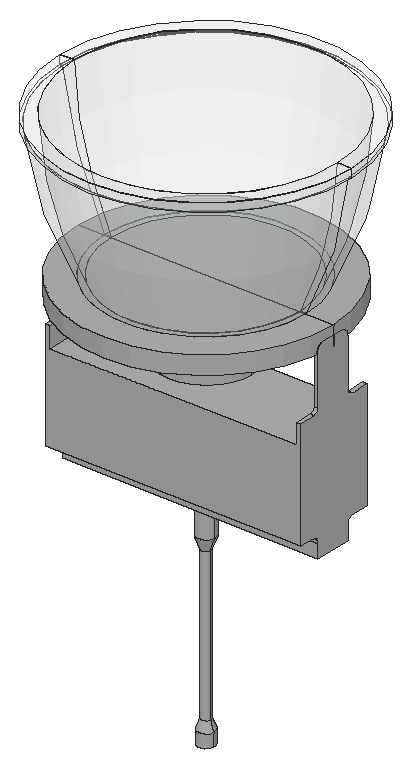
Revit family "UTB2", category Lighting Fixtures, host Face, Revit 2014
Parameters (values of type "UTB2")
  Wattage Comments = "255 W/ 167 W"  # constant formula
  Wattage = 168 W
  Watt = 255 W
  Warranty = "Five year warranty (Terms and Conditions Apply)"  # constant formula
  built-in parameter 1150110 = 1 (stored number, unit not read)
  Voltage [instance] = 120 V
  URL = "http://www.hubbellindustrial.com/"
  built-in parameter 1114217 = 1 (stored number, unit not read)
  Tilt Angle = -90.00°
  built-in parameter 1150109 = 1 (stored number, unit not read)
  built-in parameter 1150134 = 12
  built-in parameter 1150113 = 1 (stored number, unit not read)
  Reflector Finish = Hubbell - White Glass
  Product Page URL = "https://www.hubbell.com/hubbelllightingci/en/Products/Lighting-Controls/Industrial-Lighting/High-Bays-Low-Bays/UTB2/p/2859558"
  Product Material = Paint - Hubbell - White Texture
  Product Documentation Link = "https://hubbellcdn.com/specsheet/hil_utb2_spec.pdf"
  Photometric Web File = "UTB2-8-30- MH-WW-X-N-N-YY-CGS.ies"
  Pendant Length [instance] = 12.000"
  More Photometric Link = "https://www.hubbell.com/hubbelllightingci/en/Products/Lighting-Controls/Industrial-Lighting/High-Bays-Low-Bays/UTB2/p/2859558#prod-detail-section"
  Model = "UTB2"  # constant formula
  Manufacturer = "Hubbell Industrial Lighting"  # constant formula
  built-in parameter 1150105 = 2272.7 (stored number, unit not read)
  Lumens = 28560 lm
  built-in parameter 1150115 = 1 (stored number, unit not read)
  Load Classification = Lighting
  built-in parameter 1150137 = (empty or 0)
  built-in parameter 1150139 = (empty or 0)
  built-in parameter 1150112 = 1 (stored number, unit not read)
  built-in parameter 1150114 = 1 (stored number, unit not read)
  Lamp = "LED"
  built-in parameter 1150132 = (empty or 0)
  built-in parameter 1150102 = (empty or 0)
  built-in parameter 1150107 = 4000 (stored number, unit not read)
  built-in parameter 1150138 = (empty or 0)
  built-in parameter 1150106 = 22.727 (stored number, unit not read)
  Features = "Available in a high output version (24,000 lumens), a medium output version (18,000 lumens) and a low output version (12,000 lumens)\r\nEfficacy up to 170 lm/W\r\nNX Distributed Intelligence™ wired and wireless control capability available\r\nFive reflector options to meet any lighting need\r\nThree optional lenses to meet your shielding needs\r\nLight weight construction for easy installation\r\nSymmetrical design for consistent installed results"  # constant formula
  built-in parameter 1150129 = 12.000"  # constant formula
  Emit Shape Visible in Rendering = no
  built-in parameter 1150104 = 15.794 (stored number, unit not read)
  Dimming Lamp Color Temperature Shift = <None>
  Description = "Utilibay™ High Bay"  # constant formula
  Default Elevation = 48.000"
  Connector Description = "Lighting Connector"  # constant formula
  Color Filter = 16777215
  Certificate = "CSA certified to UL1598 for Damp Location and UL924"  # constant formula
  Bracket material = Paint - Hubbell -  Black
  Emit from Circle Diameter = 12.000"
  built-in parameter 1150133 = 10 (stored number, unit not read)
  Apparent Load = 25 VA
Reference planes (in)
  plane 1 "Center (Front/Back)": y = 0
  plane 2: z = 0
  plane 3 "Center (Left/Right)": x = 0
  plane 4: z = 12
  plane 5: z = 10.25
  plane 6: z = 24
Forms (in)
  Revolve 1, solid, material "Paint - Hubbell - White Texture" <- "Product Material"
    sketch origin (0, 0, 0) x (1, 0, 0) y (0, 0, 1)
      loop
        line (0, 0) -> (0.45003, 0) -> (0.45003, 0.70043) -> (0.25, 1.25) -> (0.25, 9.56699) -> (0.5, 10.25) -> (0.5, 12) -> (0, 12) -> (0, 0)
      axis (0, 0) -> (0, 12)
    angle from 0 to 360
Dimensions and locks (in)
  "Pendant Length": plane 4 to host face
  plane 4 to plane 5 = 1.750"
  locked: Revolve 1 sketch curve to Revolve 1 sketch curve at 0.25
  locked: plane 6 to plane 4 at 12
  aligned and locked: host face to plane 2
  aligned and locked: level to host face
  aligned and locked: Revolve 1 sketch curve to plane 3 "Center (Left/Right)"
  aligned and locked: Revolve 1 sketch curve to host face
  aligned and locked: plane 3 "Center (Left/Right)" to Revolve 1 sketch curve
  aligned and locked: plane 4 to Revolve 1
  aligned and locked: plane 3 "Center (Left/Right)" to nested 1
  aligned and locked: plane 1 "Center (Front/Back)" to nested 1
  aligned and locked: plane 6 to imposter light
  aligned and locked: plane 3 "Center (Left/Right)" to imposter light
  aligned and locked: imposter light to plane 1 "Center (Front/Back)"
Automatic sketch dimensions
  host sketch curve to host sketch curve = 96.000"  (x2)
  Revolve 1 sketch curve to plane 4 = 0.000"
  Revolve 1 sketch curve to plane 5 = 0.000"
  plane 3 "Center (Left/Right)" to Revolve 1 sketch curve = 0.45003"
  plane 3 "Center (Left/Right)" to Revolve 1 sketch curve = 0.500"
  Revolve 1 sketch curve to level = 4.500"
  Revolve 1 sketch curve to Revolve 1 sketch curve = 14.000"
  Revolve 1 sketch curve to Revolve 1 sketch curve = 0.70043"
  Revolve 1 sketch curve to Revolve 1 sketch curve = 0.54957"
  Revolve 1 sketch curve to plane 5 = 0.68301"
Nested families (in)
  nested 1: "UTB Retrofit" at (0, 0, 12), Product Material <- "Product Material", Bracket Material <- "Bracket material", type "UTB"
    with Width 4.500", Reflector Finish Hubbell - White Glass, Product Material Paint - Hubbell - White Texture, Pendent Height 0.000", Length 17.000", Height 3.000", Bracket Material Paint - Hubbell -  Black
Connectors (in)
  electrical at (0, 0, 12), driven by "Voltage", driven by "Apparent Load", driven by "Load Classification"
    settings: on Revolve 1, index 1, voltage 120 V, apparent load 25 VA, apparent load phase1 0 VA, apparent load phase2 0 VA, apparent load phase3 0 VA, power factor 1, load classification "Lighting", number of poles 1, system type 30, power factor state 1, is connector primary yes, connector utility no, sub classification motor no, connector description "Lighting Connector"
Definition of nested family "UTB Retrofit"
  Parameters (values of type "UTB")
    Width [instance] = 5.000"
    Wattage Comments = "17"
    Voltage = if(Is 120V, 120 V, 277 V)  # 120 V
    URL = "http://www.columbialighting.com/"
    Reflector Finish [instance] = Hubbell - White Glass
    Product Page URL = "http://www.columbialighting.com/products/uc"
    Product Material [instance] = none
    Product Documentation Link = "http://cdn.columbialighting.com/content/products/specs/specs_files/uc.pdf"
    Pendent Height [instance] = 0.000"
    Bracket Material [instance] = none
    Model = "6-L-P-D"  # constant formula
    Manufacturer Phone = "781-294-0100"  # constant formula
    Manufacturer Fax = "781-293-2849"  # constant formula
    Manufacturer = "LITECONTROL"  # constant formula
    Load Classification = Lighting
    Length [instance] = 17.000"
    Lamp = "24\" T8 Lamp"
    Is 277V = not(Is 120V)  # no
    Is 120V = yes
    Height [instance] = 3.000"
    Frequency = 60 Hz  # constant formula
    Description = "The MOD™x family is an affordably-priced, full-featured offering with best-in-class attention to detail."  # constant formula
    Default Elevation = 48.000"
    Connector Description = "Lighting Connector"  # constant formula
    Apparent Load = 25 VA
  Reference planes (in)
    plane 1 "Center (Front/Back)": y = 0
    plane 2: z = 0
    plane 3 "Center (Left/Right)": x = 0
    plane 4: x = -8.5
    plane 5: x = 8.5
    plane 6: x = -8.25
    plane 7: x = 8.25
    plane 8: y = -2.5
    plane 9: y = 2.5
    plane 10: x = 8
    plane 11: x = -8
    plane 12: z = 19
    plane 13: z = 6
    plane 14: x = -7.5
    plane 15: x = 7.5
    plane 16: z = 18.5
    plane 17: z = 2
    plane 18: z = 11
    plane 19: y = -2.35
    plane 20: y = 2.35
    plane 21: z = 10
  Forms (in)
    Extrusion 1, solid
      sketch origin (0, 0, 0) x (1, 0, 0) y (0, 1, 0)
        loop
          line (-48, 48) -> (-48, -48) -> (48, -48) -> (48, 48) -> (-48, 48)
      from 0 to -2.25
    Revolve 2, solid, material "Hubbell - White Glass" <- "Reflector Finish"
      sketch origin (0, 0, 0) x (1, 0, 0) y (0, 0, 1)
        loop
          line (-8, 19) -> (-8, 18.5) -> (-7.8451, 18.5)
          arc (-7.8451, 18.5) -> (-7.05586, 14.6426) -> (-5.52572, 11.01477) r 19.9864
          line (-5.52572, 11.01477) -> (-5.169, 11.01477)
          arc (-5.169, 11.01477) -> (-6.61534, 14.8977) -> (-7.19862, 19) r 19.28004
          line (-7.19862, 19) -> (-8, 19)
        axis (0, 19) -> (0, 11.01477)
      angle from 0 to 360
    Extrusion 3, solid, material <- "Product Material"
      sketch origin (0, 0, 2) x (0, 1, 0) y (0, 0, 1)
        loop
          line (-2.5, 5.125) -> (-2.5, -0.875) -> (-1.45842, -0.875)
          arc (-1.45842, -0.875) -> (-1.18286, -0.98914) -> (-1.06872, -1.2647) r 0.3897
          line (-1.06872, -1.2647) -> (-1.06872, -2) -> (0.93128, -2) -> (0.93128, -1.19834)
          arc (0.93128, -1.19834) -> (1.02599, -0.9697) -> (1.25462, -0.875) r 0.32334
          line (1.25462, -0.875) -> (2.5, -0.875) -> (2.5, 5.125) -> (1.27135, 5.125)
          arc (1.27135, 5.125) -> (1.03089, 5.2246) -> (0.93128, 5.46507) r 0.34007
          line (0.93128, 5.46507) -> (0.93128, 8.06932)
          arc (0.93128, 8.06932) -> (0.80514, 8.37386) -> (0.50061, 8.5) r 0.43068
          line (0.50061, 8.5) -> (-0.68897, 8.5)
          arc (-0.68897, 8.5) -> (-0.95749, 8.38877) -> (-1.06872, 8.12025) r 0.37975
          line (-1.06872, 8.12025) -> (-1.06872, 5.375)
          arc (-1.06872, 5.375) -> (-1.14194, 5.19822) -> (-1.31872, 5.125) r 0.25
          line (-1.31872, 5.125) -> (-2.5, 5.125)
      from -7 to 7
    Extrusion 4, void
      sketch origin (0, 0, 0) x (1, 0, 0) y (0, 0, 1)
        loop
          line (6.79503, 6) -> (6.79503, 9.98719) -> (-6.74337, 9.98719) -> (-6.74337, 6) -> (6.79503, 6)
      from -2.5 to 2.5
    Revolve 5, solid, material <- "Product Material"
      sketch origin (0, 0, 0) x (1, 0, 0) y (0, 0, 1)
        loop
          line (-0.5, 6) -> (0, 6) -> (0, 11) -> (-7, 11) -> (-7, 9.98719) -> (-2.5, 9.98719) -> (-2.5, 6.97897) -> (-0.5, 6.97897) -> (-0.5, 6.87939) -> (-0.45243, 6.87939) -> (-0.45243, 6.06766) -> (-0.5, 6.06766) -> (-0.5, 6)
        axis (0, 6) -> (0, 11)
      angle from 0 to 360
  Cuts and joins
    Extrusion 4 cuts Extrusion 3
  Dimensions and locks (in)
    equal spacing: plane 4, plane 3 "Center (Left/Right)", plane 5
    "Length": plane 4 to plane 5
    locked: plane 4 to plane 6 at 0.25
    locked: plane 7 to plane 5 at 0.25
    equal spacing: plane 8, plane 1 "Center (Front/Back)", plane 9  (x2)
    "Width": plane 9 to plane 8
    locked: plane 4 to plane 11 at 0.5
    locked: plane 10 to plane 5 at 0.5
    plane 10 to plane 11 = 16.000"
    plane 16 to Extrusion 1 = 18.500"
    plane 12 to Extrusion 1 = 19.000"
    plane 3 "Center (Left/Right)" to plane 14 = 7.500"
    plane 3 "Center (Left/Right)" to plane 11 = 8.000"
    locked: plane 9 to plane 20 at 0.15
    plane 8 to plane 9 = 5.000"
    plane 12 to plane 2 = 19.000"
    plane 12 to plane 18 = 8.000"
    plane 18 to Extrusion 1 = 11.000"
    aligned and locked: plane 2 to Extrusion 1
    aligned and locked: level to Extrusion 1
  Automatic sketch dimensions
    Extrusion 1 sketch curve to Extrusion 1 sketch curve = 96.000"  (x2)
    Revolve 2 sketch curve to plane 11 = 0.000"
    Revolve 2 sketch curve to plane 16 = 0.000"
    Revolve 2 sketch curve to plane 12 = 0.000"
    Revolve 2 sketch curve to plane 3 "Center (Left/Right)" = 0.000"
    Revolve 2 sketch curve to level = 0.000"
    plane 11 to Revolve 2 sketch curve = 0.1549"
    Revolve 2 sketch curve to plane 14 = 0.30138"
    plane 18 to Revolve 2 sketch curve = 0.01477"
    Revolve 2 sketch curve to plane 3 "Center (Left/Right)" = 5.52572"
    Revolve 2 sketch curve to Revolve 2 sketch curve = 0.35672"
    plane 12 to Revolve 2 sketch curve = 1.55813"
    plane 12 to Revolve 2 sketch curve = 0.64714"
    Revolve 2 sketch curve to level = 12.250"
    Extrusion 3 sketch curve to plane 8 = 0.000"
    Extrusion 3 sketch curve to level = 0.000"
    Extrusion 3 sketch curve to plane 9 = 0.000"
    plane 19 to Extrusion 3 sketch curve = 0.89158"
    plane 19 to Extrusion 3 sketch curve = 1.03128"
    Extrusion 3 sketch curve to Extrusion 3 sketch curve = 0.3897"
    plane 21 to Extrusion 3 sketch curve = 0.12025"
    plane 1 "Center (Front/Back)" to Extrusion 3 sketch curve = 1.06872"
    Extrusion 3 sketch curve to plane 18 = 0.500"
    Extrusion 3 sketch curve to plane 1 "Center (Front/Back)" = 0.50061"
    Extrusion 3 sketch curve to plane 1 "Center (Front/Back)" = 0.93128"  (x2)
    Extrusion 3 sketch curve to Extrusion 3 sketch curve = 0.32334"
    Extrusion 3 sketch curve to Extrusion 3 sketch curve = 0.34007"
    Extrusion 3 sketch curve to Extrusion 3 sketch curve = 0.7353"
    Extrusion 3 sketch curve to Extrusion 3 sketch curve = 0.80166"
    plane 13 to Extrusion 3 sketch curve = 1.125"  (x2)
    Extrusion 4 sketch curve to plane 14 = 0.75663"
    Extrusion 4 sketch curve to plane 21 = 0.01281"
    Extrusion 4 sketch curve to plane 15 = 0.70497"
    plane 13 to Extrusion 4 sketch curve = 0.000"
    Revolve 5 sketch curve to plane 18 = 0.000"
    Revolve 5 sketch curve to plane 3 "Center (Left/Right)" = 0.000"  (x2)
    Revolve 5 sketch curve to plane 3 "Center (Left/Right)" = 0.45243"
    Revolve 5 sketch curve to Revolve 5 sketch curve = 0.04757"  (x2)
    Revolve 5 sketch curve to plane 21 = 0.01281"
    Revolve 5 sketch curve to plane 14 = 0.500"
    Revolve 5 sketch curve to Revolve 5 sketch curve = 0.06766"
    Revolve 5 sketch curve to Revolve 5 sketch curve = 0.81173"
    Revolve 5 sketch curve to Revolve 5 sketch curve = 2.000"
    Revolve 5 sketch curve to level = 3.000"
    Revolve 5 sketch curve to Revolve 5 sketch curve = 21.000"
    Revolve 5 sketch curve to Revolve 5 sketch curve = 0.09958"
    Revolve 5 sketch curve to plane 13 = 0.000"
